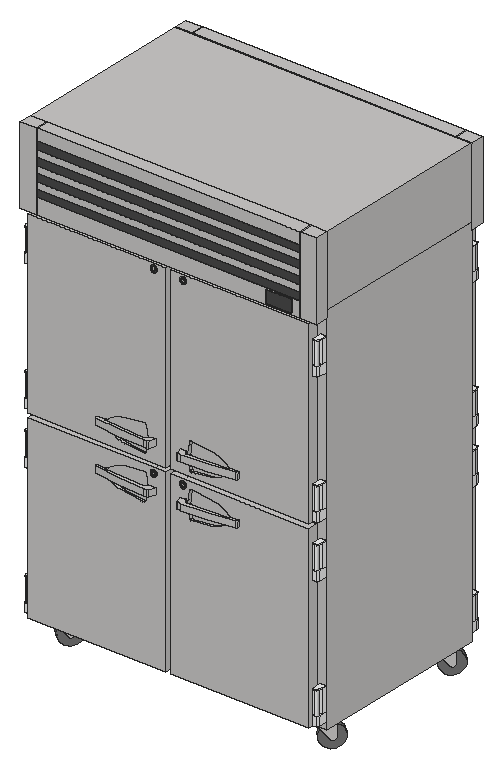
Revit family "QF_Turbo Air_PRO-50-4R-PT", category Specialty Equipment, Revit 2014 (continued)
Definition of nested family "QF_Turbo Air_RI-Solid Door"
  Dimensions and locks (in)
    locked: Extrusion 11 sketch curve to plane 9 "Hinge Right" at 0.12202
    locked: Extrusion 11 sketch curve to plane 9 "Hinge Right" at 0.1875
    locked: Extrusion 11 sketch curve to plane 9 "Hinge Right" at 0.31243
    locked: plane 6 "Door Right" to Extrusion 9 sketch curve at 0.59375
    locked: plane 20 "Hinges Front" to Extrusion 9 sketch curve at 0.625
    locked: Extrusion 12 sketch curve to plane 9 "Hinge Right" at 0.12202
    locked: Extrusion 12 sketch curve to plane 9 "Hinge Right" at 0.1875
    locked: Extrusion 12 sketch curve to plane 9 "Hinge Right" at 0.31243
    locked: Extrusion 14 sketch curve to plane 9 "Hinge Right" at 0.12202
    locked: Extrusion 14 sketch curve to plane 9 "Hinge Right" at 0.16369
    locked: Extrusion 15 sketch curve to plane 9 "Hinge Right" at 0.12202
    locked: Extrusion 15 sketch curve to plane 9 "Hinge Right" at 0.1875
    locked: Extrusion 15 sketch curve to plane 9 "Hinge Right" at 0.31243
    locked: plane 20 "Hinges Front" to Extrusion 13 sketch curve at 0.625
    locked: plane 6 "Door Right" to Extrusion 13 sketch curve at 0.59375
    locked: plane 7 "TOP" to Extrusion 16 sketch curve at 0.9375  (x2)
    locked: Extrusion 16 sketch curve to plane 3 "LEFT" at 2.1875  (x2)
    aligned and locked: level to plane 2
    aligned and locked: Extrusion 1 sketch curve to plane 7 "TOP"
    aligned and locked: plane 3 "LEFT" to Extrusion 1 sketch curve
    aligned and locked: level to Extrusion 1 sketch curve
    aligned and locked: Extrusion 1 sketch curve to plane 6 "Door Right"
    aligned and locked: plane 4 "Door Front" to Extrusion 1
    aligned and locked: plane 8 "Handle Elevation" to Extrusion 1 sketch curve
    aligned and locked: Extrusion 2 sketch curve to Extrusion 1  (x9)
    aligned and locked: plane 20 "Hinges Front" to Extrusion 4 sketch curve
    aligned and locked: plane 19 to Extrusion 4
    aligned and locked: Extrusion 5 to plane 19
    aligned and locked: Extrusion 5 sketch curve to plane 6 "Door Right"
    aligned and locked: plane 20 "Hinges Front" to Extrusion 5 sketch curve
    aligned and locked: Extrusion 6 to plane 19
    aligned and locked: plane 16 to Extrusion 8
    aligned and locked: Extrusion 10 to plane 16
    aligned and locked: Extrusion 9 to plane 16
    aligned and locked: Extrusion 9 sketch curve to plane 6 "Door Right"
    aligned and locked: plane 20 "Hinges Front" to Extrusion 9 sketch curve
    aligned and locked: plane 20 "Hinges Front" to Extrusion 11 sketch curve
    aligned and locked: plane 20 "Hinges Front" to Extrusion 8 sketch curve
    aligned and locked: plane 12 to Extrusion 12
    aligned and locked: Extrusion 14 to plane 12
    aligned and locked: Extrusion 13 to plane 12
    aligned and locked: plane 20 "Hinges Front" to Extrusion 12 sketch curve
    aligned and locked: plane 20 "Hinges Front" to Extrusion 15 sketch curve
    aligned and locked: Extrusion 13 sketch curve to plane 6 "Door Right"
    aligned and locked: plane 20 "Hinges Front" to Extrusion 13 sketch curve
    aligned and locked: plane 4 "Door Front" to cut or joined group of Extrusion 1, Extrusion 16
    aligned and locked: Extrusion 17 sketch curve to cut or joined group of Extrusion 1, Extrusion 16  (x4)
    aligned and locked: plane 4 "Door Front" to Extrusion 17
    aligned and locked: plane 1 "Door Back" to curve 1
    aligned and locked: plane 3 "LEFT" to curve 2
    aligned and locked: curve 3 to plane 4 "Door Front"
    aligned and locked: curve 4 to plane 6 "Door Right"
    aligned and locked: curve 6 to Extrusion 15
    aligned and locked: curve 7 to Extrusion 15
    aligned and locked: curve 8 to Extrusion 15
    aligned and locked: curve 9 to Extrusion 15
    aligned and locked: curve 10 to Extrusion 15
    aligned and locked: curve 11 to Extrusion 3
    aligned and locked: curve 12 to Extrusion 3
    aligned and locked: curve 15 to Extrusion 3
    aligned and locked: curve 16 to Extrusion 3
    aligned and locked: curve 17 to Extrusion 3
    aligned and locked: curve 18 to Extrusion 3
    aligned and locked: curve 19 to Extrusion 3
    aligned and locked: curve 20 to Extrusion 3
    aligned and locked: curve 21 to Extrusion 3
    aligned and locked: Extrusion 4 sketch curve to plane 21 "Hinges Back"
    aligned and locked: plane 21 "Hinges Back" to Extrusion 6 sketch curve
    aligned and locked: Extrusion 7 sketch curve to plane 21 "Hinges Back"
    aligned and locked: Extrusion 8 sketch curve to plane 21 "Hinges Back"
    aligned and locked: plane 21 "Hinges Back" to Extrusion 10 sketch curve
    aligned and locked: Extrusion 11 sketch curve to plane 21 "Hinges Back"
    aligned and locked: Extrusion 12 sketch curve to plane 21 "Hinges Back"
    aligned and locked: plane 21 "Hinges Back" to Extrusion 14 sketch curve
    aligned and locked: Extrusion 15 sketch curve to plane 21 "Hinges Back"
  Automatic sketch dimensions
    plane 3 "LEFT" to Extrusion 1 sketch curve = 0' - 3.525"  (x2)
    plane 3 "LEFT" to Extrusion 1 sketch curve = 0' - 3.76769"  (x2)
    Extrusion 1 sketch curve to Extrusion 1 sketch curve = 0' - 2.02671"  (x2)
    Extrusion 1 sketch curve to Extrusion 1 sketch curve = 0' - 6.00177"
    Extrusion 1 sketch curve to Extrusion 1 sketch curve = 0' - 0.60553"
    Extrusion 1 sketch curve to Extrusion 1 sketch curve = 0' - 0"  (x7)
    Extrusion 1 sketch curve to Extrusion 1 sketch curve = 0' - 0.70519"
    plane 8 "Handle Elevation" to Extrusion 1 sketch curve = 0' - 0 1/2"
    plane 5 "Handle Front" to Extrusion 3 sketch curve = 0' - 0"
    plane 4 "Door Front" to Extrusion 3 sketch curve = 0' - 0"  (x2)
    Extrusion 3 sketch curve to plane 5 "Handle Front" = 0' - 0.12956"
    Extrusion 3 sketch curve to Extrusion 3 sketch curve = 0' - 0.05794"
    Extrusion 3 sketch curve to plane 5 "Handle Front" = 0' - 0.65095"
    Extrusion 3 sketch curve to Extrusion 3 sketch curve = 0' - 0.09657"
    plane 4 "Door Front" to Extrusion 3 sketch curve = 0' - 0.28505"
    plane 4 "Door Front" to Extrusion 3 sketch curve = 0' - 0.08987"
    plane 3 "LEFT" to Extrusion 3 sketch curve = 0' - 3.55577"
    Extrusion 3 sketch curve to Extrusion 3 sketch curve = 0' - 0.05487"
    Extrusion 3 sketch curve to Extrusion 3 sketch curve = 0' - 0.65261"
    plane 3 "LEFT" to Extrusion 3 sketch curve = 0' - 10.44723"
    Extrusion 3 sketch curve to Extrusion 3 sketch curve = 0' - 0 3/16"  (x2)
    Extrusion 3 sketch curve to Extrusion 3 sketch curve = 0' - 1 3/16"
    plane 3 "LEFT" to Extrusion 3 sketch curve = 0' - 3.31795"
    Extrusion 3 sketch curve to Extrusion 3 sketch curve = 0' - 0.16072"
    Extrusion 3 sketch curve to Extrusion 3 sketch curve = 0' - 0.37763"
    Extrusion 3 sketch curve to Extrusion 3 sketch curve = 0' - 0.3975"
    Extrusion 3 sketch curve to Extrusion 3 sketch curve = 0' - 0.61377"
    Extrusion 3 sketch curve to Extrusion 3 sketch curve = 0' - 1"
    Extrusion 3 sketch curve to Extrusion 3 sketch curve = 0' - 0"
    Extrusion 4 sketch curve to plane 20 "Hinges Front" = 0' - 0 7/16"  (x2)
    plane 1 "Door Back" to Extrusion 6 sketch curve = 0' - 0 1/4"
    plane 20 "Hinges Front" to Extrusion 7 sketch curve = 0' - 0"
    Extrusion 7 sketch curve to plane 20 "Hinges Front" = 0' - 0 7/16"  (x2)
    Extrusion 8 sketch curve to plane 20 "Hinges Front" = 0' - 0 7/16"  (x2)
    Extrusion 11 sketch curve to plane 20 "Hinges Front" = 0' - 0 7/16"  (x2)
    Extrusion 12 sketch curve to plane 20 "Hinges Front" = 0' - 0 7/16"  (x2)
    Extrusion 15 sketch curve to plane 20 "Hinges Front" = 0' - 0 7/16"  (x2)
    curve 12 to curve 12 = 0' - 0.05794"
    curve 18 to curve 17 = 0' - 0.09088"
    Extrusion 3 sketch curve to plane 21 "Hinges Back" = 3' - 1.37033"
    plane 1 "Door Back" to Extrusion 10 sketch curve = 0' - 0 1/4"
    plane 1 "Door Back" to Extrusion 14 sketch curve = 0' - 0 1/4"
    plane 21 "Hinges Back" to curve 5 = 0' - 0"
    radius of Extrusion 16 sketch curve = 0' - 0 9/16"
    radius of Extrusion 16 sketch curve = 0' - 0 5/16"
